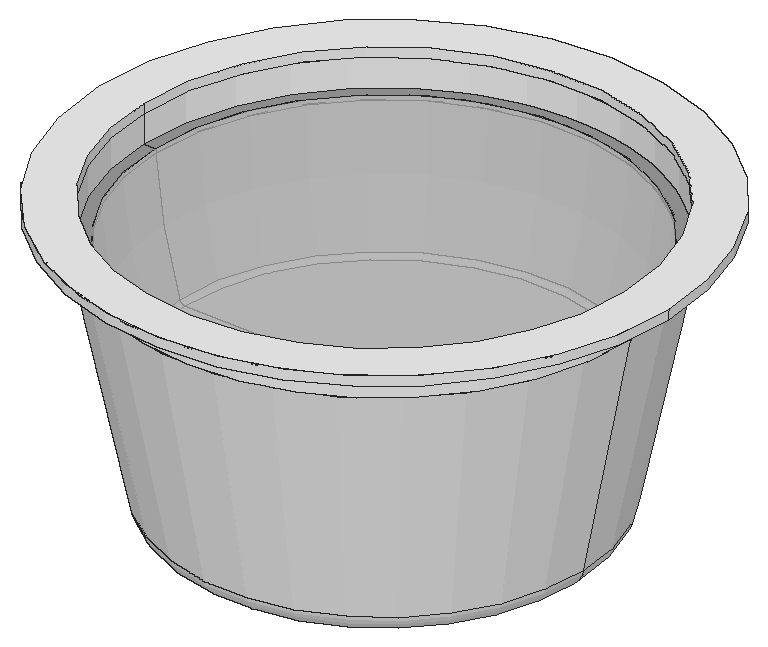
Revit family "2059216 Lighting Fixture_Sylvania_Ascent 100 Deco(160)-Very High Output_Ceiling Recessed", category Lighting Fixtures, host Face, Revit 2017
Family settings
  Host = Face
  Round Connector Dimension = Use Diameter
  Part Type = Normal
  OmniClass Number = 23.80.70.11.17
  OmniClass Title = Specialized Lighting by Location or Use
  Cut with Voids When Loaded = No
  Light Source = Yes
  Shared = No
  Room Calculation Point = No
Parameters (values of type "Asct100 Deco VHO 3K STDEMG 160")
  Reflector Radius = Radius - 14.5 mm  # 80.0 mm
  Reflector Material = Aluminium_Sylvania_Ascent_Silver
  Radius = 94.5 mm
  Life = "50 000h"  # constant formula
  IP Rating = "IP44"  # constant formula
  IK Rating = "IK02"  # constant formula
  Height = 94.0 mm
  Wattage = 1.47564 W
  built-in parameter 1150110 = 1 (stored number, unit not read)
  Voltage Comments = "UNV (Universal Voltage; 220-240 Volt)"  # constant formula
  Voltage = 240 V  # constant formula
  URL = "https://www.sylvania-lighting.com/"
  built-in parameter 1114217 = 1 (stored number, unit not read)
  Tilt Angle = -90°
  built-in parameter 1150109 = 1 (stored number, unit not read)
  built-in parameter 1150134 = (empty or 0)
  built-in parameter 1150113 = 1 (stored number, unit not read)
  Product Page URL = "https://www.sylvania-lighting.com/product/en-int/products/2059216"
  Product Family = "Ascent 100 Deco (160) - Very High Output"  # constant formula
  Photometry Comments = ""
  Photometric Web File = "2059216_Asct100DecoVHO3KDALIEMG160-190159.ies"
  Glow Wire Test = 850 °C
  Emit from Circle Diameter = 2 * Diffuser Radius  # 152.0 mm
  Emit Shape Visible in Rendering = no
  Drive Current = "1000mA"  # constant formula
  Diffuser Radius = Reflector Radius - 4.0 mm  # 76.0 mm
  Diffuser Material = Polycarbonate_Sylvania_Ascent_Clear
  Diameter = 2 * Radius  # 189.0 mm
  Cutout Diameter = Diameter - 11.0 mm  # 178.0 mm
  built-in parameter 1114216 [instance] = 1 (stored number, unit not read)
  Model = "Asct100 Deco VHO 3K DALIEMG 160"
  Manufacturer = "Feilo-Sylvania Group"
  built-in parameter 1150105 = 74.656 (stored number, unit not read)
  Lumens = 159 lm
  built-in parameter 1150115 = 1 (stored number, unit not read)
  built-in parameter 1150137 = (empty or 0)
  built-in parameter 1150139 = (empty or 0)
  built-in parameter 1150112 = 1 (stored number, unit not read)
  built-in parameter 1150114 = 1 (stored number, unit not read)
  Lamp = "Integrated LED"
  built-in parameter 1150132 = 2
  built-in parameter 1150102 = (empty or 0)
  built-in parameter 1150107 = 3000 (stored number, unit not read)
  built-in parameter 1150138 = (empty or 0)
  built-in parameter 1150106 = 0.74656 (stored number, unit not read)
  Body Material = Aluminum_Sylvania_Ascent_White
  built-in parameter 1150104 = 10.01 (stored number, unit not read)
  Dimming Lamp Color Temperature Shift = <None>
  Description = "Direct LED retro fit for original LED 100 Deco (160) single CFL lamp offering Matching lumen levels and improved light distribution of original LED 100 CFL lamp equivalents Typically half the power consumption compared to CFL Up to 112lm/W 160mm aperture Decorative reflector accepts snap fit polycarbonate accessories from existing LED 100 Deco 160 offering New kometa accessory ring creates a diffused indirect halo of light onto the ceiling for decorative effect HE, HO and VHO versions equivalent of single 1 x 18W, 1 x 32W, 1 x 42W Additional VVHO versions which offer the performance circa 2 x 32W equivalent"  # constant formula
  Default Elevation = 0.0 mm
  Color Filter = 16777215
  Catalog Number = "2059216 Asct100 Deco VHO 3K DALIEMG 160"
  built-in parameter 1140040 [instance] = 1
  built-in parameter 1114218 = 1 (stored number, unit not read)
  built-in parameter 1150133 = 10 (stored number, unit not read)
  Assembly Code = "D5020200"
  Apparent Load Comments = ""
  Apparent Load = 25 VA
  Aperture = 2 * Reflector Radius  # 160.0 mm
Reference planes
  plane 1 "Center (Front/Back)": y = 0
  plane 2: z = 0
  plane 3 "Center (Left/Right)": x = 0
  plane 4 "Fixture Bottom": z = 3
  plane 5: z = -53.5
  plane 6 "Fixture Top": z = -91
  plane 7: z = -9
  plane 8: z = -10.5
Forms (mm)
  Extrusion 1, solid, material "Aluminum_Sylvania_Ascent_White" <- "Body Material", detail levels fine
    sketch origin (0, 0, 0) x (1, 0, 0) y (0, 1, 0)
      loop
        circle (0, 0) r 94.5
      loop
        circle (0, 0) r 80
    from 0 to 3
  Extrusion 2, void
    sketch origin (0, 0, 0) x (1, 0, 0) y (0, 1, 0)
      loop
        circle (0, 0) r 89
    from -91 to 3
  Revolve 3, solid, material "Aluminum_Sylvania_Ascent_White" <- "Body Material", detail levels fine
    sketch origin (0, 0, 0) x (1, 0, 0) y (0, 0, 1)
      loop
        line (0, -89) -> (-58.456, -89)
        arc (-58.456, -89) -> (-62.232, -87.663) -> (-64.324, -84.247) r 6
        line (-64.324, -84.247) -> (-80, -10.5) -> (-80, 0) -> (-82.009, 0) -> (-82.009, -10.5) -> (-66.245, -84.663)
        arc (-66.245, -84.663) -> (-63.454, -89.217) -> (-58.42, -91) r 8
        line (-58.42, -91) -> (0, -91) -> (0, -89)
      axis (0, 0) -> (0, -91)
    angle from 0 to 360
  Revolve 4, solid, material "Aluminium_Sylvania_Ascent_Silver" <- "Reflector Material", detail levels fine
    sketch origin (0, 0, 0) x (1, 0, 0) y (0, 0, 1)
      loop
        line (-80, -9) -> (-80, -10.5) -> (-77, -10.5)
        arc (-77, -10.5) -> (-74.319, -31.239) -> (-68.971, -51.454) r 160.868
        arc (-68.971, -51.454) -> (-67.878, -52.935) -> (-66.127, -53.5) r 3
        line (-66.127, -53.5) -> (-58, -53.5)
        arc (-58, -53.5) -> (-56.855, -62.037) -> (-53.5, -69.971) r 32.394
        line (-53.5, -69.971) -> (0, -69.971) -> (0, -52.5) -> (-66.127, -52.5)
        arc (-66.127, -52.5) -> (-67.294, -52.124) -> (-68.023, -51.136) r 2
        arc (-68.023, -51.136) -> (-73.335, -31.062) -> (-76, -10.468) r 159.868
        line (-76, -10.468) -> (-76, -9) -> (-80, -9)
      axis (0, -9) -> (0, -69.971)
    angle from 0 to 360
  Extrusion 5, solid, material "Polycarbonate_Sylvania_Ascent_Clear" <- "Diffuser Material", detail levels fine
    sketch origin (0, 0, 0) x (1, 0, 0) y (0, 1, 0)
      loop
        circle (0, 0) r 76
    from -10.5 to -9
  Revolve 6, solid, material "Aluminum_Sylvania_Ascent_White" <- "Body Material", detail levels coarse+medium
    sketch origin (0, 0, 0) x (1, 0, 0) y (0, 0, 1)
      loop
        line (0, 3) -> (-94.5, 3) -> (-94.5, 0) -> (-82.009, 0) -> (-82.009, -10.5) -> (-66.245, -84.663)
        arc (-66.245, -84.663) -> (-63.454, -89.217) -> (-58.42, -91) r 8
        line (-58.42, -91) -> (0, -91) -> (0, 3)
      axis (0, 3) -> (0, -91)
    angle from 0 to 360
Cuts and joins
  joined: Extrusion 1, Revolve 3
Dimensions and locks
  plane 4 "Fixture Bottom" to plane 2 to plane 7 to plane 8 to plane 5 = 3.0 mm locked, 9.0 mm locked, 1.5 mm locked, 43.0 mm locked
  "Height": plane 4 "Fixture Bottom" to plane 6 "Fixture Top"
  "Reflector Radius": plane 3 "Center (Left/Right)" to Revolve 4 sketch curve
  "Reflector Radius": plane 3 "Center (Left/Right)" to Revolve 3 sketch curve
  locked: Revolve 3 sketch curve to Revolve 3 sketch curve at 2.009
  Revolve 4 sketch curve to Revolve 4 sketch curve = 4.0 mm
  Revolve 4 sketch curve to Revolve 4 sketch curve = 1.0 mm
  Revolve 4 sketch curve to Revolve 4 sketch curve to Revolve 4 sketch curve to Revolve 4 sketch curve to Revolve 4 sketch curve = 11.029 mm locked, 2.844 mm locked, 8.127 mm locked, 4.5 mm locked
  Revolve 3 sketch curve to Revolve 3 sketch curve to Revolve 3 sketch curve = 13.755 mm locked, 7.825 mm locked
  "Radius": plane 3 "Center (Left/Right)" to Revolve 6 sketch curve
  Revolve 6 sketch curve to Revolve 6 sketch curve to Revolve 6 sketch curve = 7.825 mm locked, 28.255 mm locked
  "Cutout Diameter": diameter of Extrusion 2 sketch curve
  "Reflector Radius": radius of Extrusion 1 sketch curve
  "Diffuser Radius": radius of Extrusion 5 sketch curve
  "Radius": radius of Extrusion 1 sketch curve
  aligned and locked: host face to plane 2
  aligned and locked: host face to level
  aligned and locked: plane 1 "Center (Front/Back)" to imposter light
  aligned and locked: plane 3 "Center (Left/Right)" to imposter light
  aligned and locked: plane 4 "Fixture Bottom" to Extrusion 1
  aligned and locked: Extrusion 1 to plane 2
  aligned and locked: Revolve 3 sketch curve to plane 3 "Center (Left/Right)"  (x2)
  aligned and locked: Revolve 4 sketch curve to plane 3 "Center (Left/Right)"  (x2)
  aligned and locked: plane 2 to Revolve 3 sketch curve
  aligned and locked: plane 6 "Fixture Top" to Extrusion 2
  aligned and locked: Revolve 3 sketch curve to plane 2
  aligned and locked: plane 8 to Revolve 3 sketch curve  (x2)
  aligned and locked: plane 7 to Revolve 4 sketch curve
  aligned and locked: Revolve 4 sketch curve to plane 8
  aligned and locked: imposter light to Extrusion 2
  aligned and locked: plane 7 to Extrusion 5
  aligned and locked: Extrusion 5 to plane 8
  aligned and locked: imposter light to plane 4 "Fixture Bottom"
  aligned and locked: Revolve 3 sketch curve to plane 6 "Fixture Top"
  aligned and locked: Revolve 6 sketch curve to plane 4 "Fixture Bottom"
Automatic sketch dimensions
  plane 1 "Center (Front/Back)" to Extrusion 2 sketch curve = 0.0 mm
  Extrusion 2 sketch curve to plane 3 "Center (Left/Right)" = 0.0 mm
  Extrusion 1 sketch curve to Extrusion 1 sketch curve = 0.0 mm  (x2)
  plane 1 "Center (Front/Back)" to Extrusion 1 sketch curve = 0.0 mm
  Extrusion 1 sketch curve to plane 3 "Center (Left/Right)" = 0.0 mm
  plane 1 "Center (Front/Back)" to Extrusion 5 sketch curve = 0.0 mm
  Extrusion 5 sketch curve to plane 3 "Center (Left/Right)" = 0.0 mm
  host sketch curve to host sketch curve = 1368.192 mm
  host sketch curve to host sketch curve = 1600.367 mm
  Revolve 4 sketch curve to plane 5 = 0.0 mm
  Revolve 4 sketch curve to plane 5 = 16.471 mm
  plane 8 to Revolve 4 sketch curve = 0.032 mm
  Revolve 4 sketch curve to Revolve 4 sketch curve = 0.0 mm  (x5)
  Revolve 4 sketch curve to level = 0.289 mm
  Revolve 4 sketch curve to Revolve 4 sketch curve = 2.387 mm
  plane 4 "Fixture Bottom" to Revolve 4 sketch curve = 9.642 mm
  Revolve 4 sketch curve to Revolve 4 sketch curve = 0.948 mm
  Revolve 3 sketch curve to plane 6 "Fixture Top" = 6.753 mm
  Revolve 3 sketch curve to plane 6 "Fixture Top" = 2.0 mm
  Revolve 3 sketch curve to plane 6 "Fixture Top" = 6.337 mm
  Revolve 3 sketch curve to Revolve 3 sketch curve = 1.921 mm
  Revolve 3 sketch curve to Revolve 3 sketch curve = 0.036 mm
  plane 6 "Fixture Top" to Revolve 3 sketch curve = 33.569 mm
  plane 4 "Fixture Bottom" to Revolve 3 sketch curve = 82.431 mm
  Revolve 6 sketch curve to plane 8 = 0.0 mm
  Revolve 6 sketch curve to plane 6 "Fixture Top" = 0.0 mm
  Revolve 6 sketch curve to plane 6 "Fixture Top" = 6.337 mm
  Revolve 6 sketch curve to plane 3 "Center (Left/Right)" = 0.0 mm
  Revolve 6 sketch curve to Revolve 6 sketch curve = 12.491 mm
  plane 6 "Fixture Top" to Revolve 6 sketch curve = 33.569 mm
  plane 4 "Fixture Bottom" to Revolve 6 sketch curve = 82.431 mm
  plane 3 "Center (Left/Right)" to Revolve 6 sketch curve = 0.0 mm
  Revolve 6 sketch curve to level = 0.0 mm
Connectors
  electrical at (0, 0, -91), driven by "Voltage", driven by "Apparent Load"
    settings: index 1, voltage 240 V, apparent load 0 VA, apparent load phase1 25 VA, apparent load phase2 0 VA, apparent load phase3 0 VA, power factor 1, load classification "Lighting", number of poles 1, system type 31, power factor state 1, is connector primary yes, connector utility no, sub classification motor no, connector description ""
